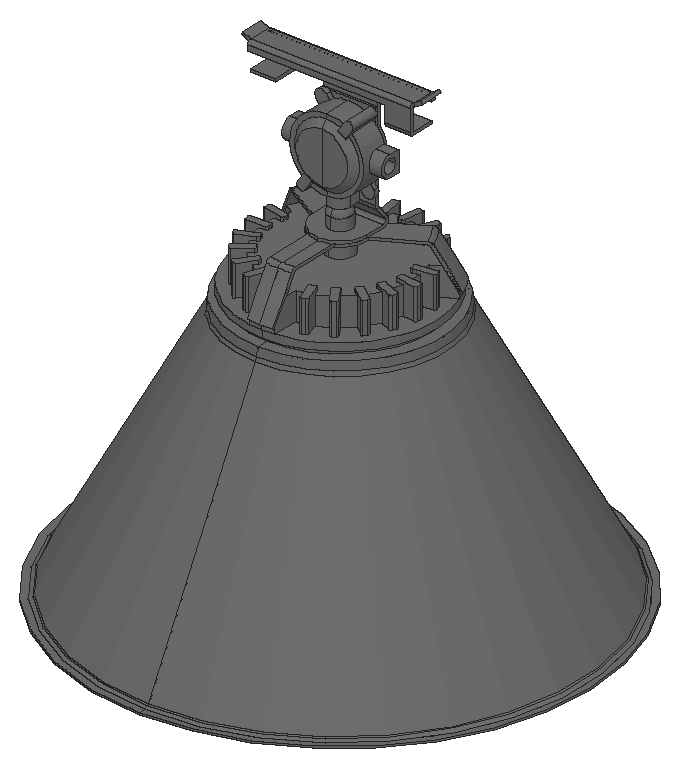
Revit family "Lighting_Outside_Zero_City_Wire", category Lighting Fixtures, Revit 2018 (continued)
Definition of nested family "CityPendant_Out"
  Lines and regions (mm)
    symbolic lines, detail levels medium+fine
      curve 76: line (107.923, 0, 307.136) -> (99.507, 0, 307.136)
      curve 77: line (99.507, 0, 307.136) -> (99.507, 0, 314.107)
      curve 78: line (99.507, 0, 314.107) -> (96.111, 0, 321.037)
      curve 79: line (96.111, 0, 341.636) -> (96.111, 0, 321.037)
      curve 80: line (96.111, 0, 341.636) -> (88.092, 0, 341.636)
      curve 98: line (-107.923, 0, 299.135) -> (-101.649, 0, 299.135)
      curve 101: line (107.923, 0, 307.136) -> (107.923, 0, 299.135)
      curve 103: line (0, -101.649, 299.135) -> (0, -101.328, 293)
      curve 104: line (0, -101.649, 299.135) -> (0, -107.923, 299.135)
      curve 105: line (0, 101.649, 299.135) -> (0, 101.328, 293)
      curve 107: line (-101.328, 0, 293) -> (-101.649, 0, 299.135)
      curve 109: line (101.328, 0, 293) -> (101.649, 0, 299.135)
      curve 110: line (101.649, 0, 299.135) -> (107.923, 0, 299.135)
      curve 114: spline (-88.092, 0, 341.636) -> (-87.402, 0, 343.027) -> (-86.713, 0, 344.418) -> (-86.023, 0, 345.809) -> (-85.333, 0, 347.2) -> (-84.644, 0, 348.591) -> (-83.954, 0, 349.982) -> (-83.264, 0, 351.373) -> (-82.574, 0, 352.764) -> (-81.884, 0, 354.155) -> (-81.193, 0, 355.546) -> (-80.503, 0, 356.937) -> (-79.813, 0, 358.327)
      curve 119: spline (-79.814, 0, 358.328) -> (-79.566, 0, 358.779) -> (-79.286, 0, 359.203) -> (-78.975, 0, 359.597) -> (-78.635, 0, 359.959) -> (-78.268, 0, 360.284) -> (-77.879, 0, 360.572) -> (-77.469, 0, 360.819) -> (-77.043, 0, 361.024) -> (-76.602, 0, 361.185) -> (-76.151, 0, 361.3) -> (-75.693, 0, 361.37) -> (-75.231, 0, 361.394)
      curve 120: line (-75.231, 0, 361.394) -> (-30, 0, 361.395)
      curve 121: spline (88.092, 0, 341.636) -> (87.402, 0, 343.027) -> (86.713, 0, 344.418) -> (86.023, 0, 345.809) -> (85.333, 0, 347.2) -> (84.644, 0, 348.591) -> (83.954, 0, 349.982) -> (83.264, 0, 351.373) -> (82.574, 0, 352.764) -> (81.884, 0, 354.155) -> (81.193, 0, 355.546) -> (80.503, 0, 356.937) -> (79.813, 0, 358.327)
      curve 126: spline (79.814, 0, 358.328) -> (79.566, 0, 358.78) -> (79.284, 0, 359.205) -> (78.971, 0, 359.601) -> (78.63, 0, 359.963) -> (78.262, 0, 360.289) -> (77.871, 0, 360.577) -> (77.46, 0, 360.824) -> (77.031, 0, 361.028) -> (76.589, 0, 361.189) -> (76.136, 0, 361.303) -> (75.676, 0, 361.372) -> (75.213, 0, 361.394)
      curve 127: line (75.213, 0, 361.394) -> (30, 0, 361.394)
      curve 128: line (-30, 0, 510.896) -> (-30, 0, 484.891)
      curve 129: line (30, 0, 361.394) -> (30, 0, 396.901)
      curve 133: arc (-30, 0, 405.646) -> (-31, 0, 402.646) -> (-30, 0, 399.646) r 5
      curve 135: line (-31.789, 0, 475.211) -> (-30, 0, 472.579)
      curve 137: line (31.789, 0, 406.581) -> (30, 0, 409.213)
      curve 149: arc (30, 0, 476.146) -> (31, 0, 479.146) -> (30, 0, 482.146) r 5
      curve 150: line (-62, 0, 510.896) -> (-30, 0, 510.896)
      curve 151: line (30, 0, 482.146) -> (30, 0, 510.896)
      curve 152: line (-30, 0, 472.579) -> (-30, 0, 468.78)
      curve 153: line (30, 0, 468.78) -> (30, 0, 476.146)
      curve 154: line (-30, 0, 413.085) -> (-30, 0, 405.646)
      curve 155: line (30, 0, 409.213) -> (30, 0, 413.085)
      curve 156: line (-30, 0, 399.646) -> (-30, 0, 361.395)
      curve 157: line (-55, 0, 452.396) -> (-39.295, 0, 452.396)
      curve 158: line (-55, 0, 429.396) -> (-55, 0, 452.396)
      curve 159: line (55, 0, 429.396) -> (39.273, 0, 429.396)
      curve 160: line (55, 0, 452.396) -> (55, 0, 429.396)
      curve 161: line (39.295, 0, 452.396) -> (55, 0, 452.396)
      curve 162: line (-39.273, 0, 429.396) -> (-55, 0, 429.396)
      curve 172: line (-62, 0, 488.896) -> (-90, 0, 488.896)
      curve 173: line (-62, 0, 510.896) -> (-62, 0, 488.896)
      curve 174: line (-90, 0, 488.896) -> (-90, 0, 520.896)
      curve 175: line (-90, 0, 520.896) -> (90, 0, 520.896)
      curve 176: line (62, 0, 488.896) -> (90, 0, 488.896)
      curve 177: line (62, 0, 510.896) -> (62, 0, 488.896)
      curve 178: line (90, 0, 488.896) -> (90, 0, 520.896)
      curve 180: line (30, 0, 510.896) -> (62, 0, 510.896)
      curve 182: arc (-30, 0, 484.891) -> (-32.883, 0, 480.418) -> (-31.789, 0, 475.211) r 7
      curve 184: arc (-30, 0, 468.78) -> (-35.603, 0, 461.13) -> (-39.295, 0, 452.396) r 40.933
      curve 186: arc (-39.273, 0, 429.396) -> (-35.584, 0, 420.702) -> (-30, 0, 413.085) r 40.933
      curve 190: arc (39.295, 0, 452.396) -> (35.603, 0, 461.13) -> (30, 0, 468.78) r 40.933
      curve 192: arc (30, 0, 413.085) -> (35.584, 0, 420.702) -> (39.273, 0, 429.396) r 40.933
      curve 194: arc (30, 0, 396.901) -> (32.883, 0, 401.374) -> (31.789, 0, 406.581) r 7
      curve 200: spline (0, 54.163, 358.327) -> (0, 54.561, 356.937) -> (0, 54.96, 355.546) -> (0, 55.358, 354.155) -> (0, 55.757, 352.764) -> (0, 56.155, 351.374) -> (0, 56.554, 349.983) -> (0, 56.952, 348.592) -> (0, 57.35, 347.201) -> (0, 57.748, 345.809) -> (0, 58.147, 344.418) -> (0, 58.545, 343.027) -> (0, 58.943, 341.636)
      curve 201: spline (0, 51.509, 361.394) -> (0, 51.776, 361.372) -> (0, 52.041, 361.303) -> (0, 52.303, 361.188) -> (0, 52.558, 361.028) -> (0, 52.805, 360.823) -> (0, 53.043, 360.576) -> (0, 53.268, 360.289) -> (0, 53.48, 359.962) -> (0, 53.677, 359.6) -> (0, 53.858, 359.205) -> (0, 54.02, 358.78) -> (0, 54.163, 358.328)
      curve 202: line (0, -78.786, 361.394) -> (0, -30, 361.395)
      curve 209: arc (0, -78.786, 361.394) -> (0, -81.792, 360.601) -> (0, -84.017, 358.431) r 6.1
      curve 210: arc (0, -84.017, 358.431) -> (0, -96.913, 335.908) -> (0, -109.782, 313.369) r 21800.423
      curve 211: line (0, -109.782, 313.369) -> (0, -107.923, 312.326)
      curve 213: line (0, -30, 364.395) -> (0, -30, 361.395)
      curve 214: arc (0, 23.053, 361.395) -> (0, 28.491, 364.859) -> (0, 27.649, 371.251) r 6
      curve 217: line (0, 27.649, 371.251) -> (0, 15.934, 385.213)
      curve 218: arc (0, 15.934, 385.213) -> (0, 15.24, 386.416) -> (0, 14.999, 387.784) r 4
      curve 221: line (0, 14.999, 387.784) -> (0, 14.999, 402.918)
      curve 222: line (0, 14.999, 484.997) -> (0, 11.999, 484.997)
      curve 223: line (0, 17.999, 402.918) -> (0, 17.999, 516.896)
      curve 224: line (0, 17.999, 402.918) -> (0, 14.999, 402.918)
      curve 225: arc (0, 17.999, 516.896) -> (0, 16.827, 519.724) -> (0, 13.999, 520.896) r 4
      curve 226: arc (0, 13.999, 488.896) -> (0, 14.503, 488.928) -> (0, 14.999, 489.023) r 4
      curve 227: line (0, -11.001, 488.896) -> (0, 13.999, 488.896)
      curve 228: arc (0, -11.001, 488.896) -> (0, -13.83, 490.068) -> (0, -15.001, 492.896) r 4
      curve 229: line (0, -15.001, 516.896) -> (0, -15.001, 492.896)
      curve 230: arc (0, -11.001, 520.896) -> (0, -13.83, 519.724) -> (0, -15.001, 516.896) r 4
      curve 231: line (0, 13.999, 520.896) -> (0, -11.001, 520.896)
      curve 240: line (0, 14.999, 484.997) -> (0, 14.999, 489.023)
      curve 242: line (0, 6.999, 486.146) -> (0, 11.999, 486.146)
      curve 243: line (0, 11.999, 486.146) -> (0, 11.999, 484.997)
      curve 244: line (0, -20.501, 484.146) -> (0, 6.999, 484.146)
      curve 245: line (0, 6.999, 484.146) -> (0, 6.999, 486.146)
      curve 248: line (0, -20.501, 484.146) -> (0, -20.501, 473.933)
      curve 249: line (0, -25.001, 469.433) -> (0, -25.001, 412.433)
      curve 250: line (0, -25.001, 469.433) -> (0, -20.501, 473.933)
      curve 255: line (0, -20.501, 397.646) -> (0, -11.501, 397.646)
      curve 256: line (0, -20.501, 397.646) -> (0, -20.501, 407.933)
      curve 263: line (0, -25.001, 412.433) -> (0, -20.501, 407.933)
      curve 264: line (0, -11.501, 385.896) -> (0, -11.501, 397.646)
      curve 265: line (0, -11.501, 385.896) -> (0, -7.492, 385.896)
      curve 269: line (0, -12.5, 364.395) -> (0, -12.5, 376.832)
      curve 270: arc (0, -12.5, 376.832) -> (0, -11.519, 380.87) -> (0, -8.795, 384.007) r 8.799
      curve 271: line (0, -8.795, 384.007) -> (0, -7.492, 385.896)
      curve 274: line (0, 23.053, 361.395) -> (0, 51.509, 361.394)
      curve 280: line (0, -12.5, 364.395) -> (0, -30, 364.395)
      curve 282: line (-114.463, 0, 293) -> (-115.462, 0, 283.496)
      curve 283: line (-115.462, 0, 283.496) -> (-116.85, 0, 279.025)
      curve 284: line (-116.85, 0, 279.025) -> (-264.916, 0, 5.137)
      curve 285: line (-266.24, 0, 4.143) -> (-269.952, 0, 2)
      curve 286: line (-264.916, 0, 5.137) -> (-266.24, 0, 4.143)
      curve 288: line (-277.052, 0, 2) -> (-277.052, 0, 0)
      curve 289: line (0, 0, 0) -> (-277.052, 0, 0)
      curve 290: line (114.463, 0, 293) -> (115.462, 0, 283.496)
      curve 291: line (115.462, 0, 283.496) -> (116.85, 0, 279.025)
      curve 292: line (116.85, 0, 279.025) -> (264.916, 0, 5.137)
      curve 293: line (266.24, 0, 4.143) -> (269.952, 0, 2)
      curve 294: line (264.916, 0, 5.137) -> (266.24, 0, 4.143)
      curve 296: line (277.052, 0, 2) -> (277.052, 0, 0)
      curve 297: line (0, 0, 0) -> (277.052, 0, 0)
      curve 298: line (-101.328, 0, 293) -> (-114.463, 0, 293)
      curve 299: line (101.328, 0, 293) -> (114.463, 0, 293)
      curve 300: line (-269.952, 0, 2) -> (-277.052, 0, 2)
      curve 301: line (269.952, 0, 2) -> (277.052, 0, 2)
      curve 302: line (0, -277.395, 0) -> (0, 277.395, 0)
      curve 303: line (0, 277.052, 0) -> (0, 277.052, 2)
      curve 304: line (0, 277.052, 2) -> (0, 269.952, 2)
      curve 305: line (0, 269.952, 2) -> (0, 266.24, 4.143)
      curve 306: line (0, 266.24, 4.143) -> (0, 264.916, 5.137)
      curve 307: line (0, 264.916, 5.137) -> (0, 116.85, 279.025)
      curve 308: line (0, 116.85, 279.025) -> (0, 115.462, 283.496)
      curve 309: line (0, 115.462, 283.496) -> (0, 114.463, 293)
      curve 310: line (0, -277.052, 0) -> (0, -277.052, 2)
      curve 311: line (0, -277.052, 2) -> (0, -269.952, 2)
      curve 312: line (0, -269.952, 2) -> (0, -266.24, 4.143)
      curve 313: line (0, -266.24, 4.143) -> (0, -264.916, 5.137)
      curve 314: line (0, -264.916, 5.137) -> (0, -116.85, 279.025)
      curve 315: line (0, -116.85, 279.025) -> (0, -115.462, 283.496)
      curve 316: line (0, -115.462, 283.496) -> (0, -114.463, 293)
      curve 317: line (0, 114.463, 293) -> (0, 101.328, 293)
      curve 319: line (0, -101.328, 293) -> (0, -114.463, 293)
    symbolic lines, detail levels fine
      curve 2: circle (0, 0, 0) r 264.283 normal (0, 0, -1)
      curve 3: circle (0, 0, 0) r 161.146 normal (0, 0, -1)
      curve 4: circle (0, 0, 0) r 159.39 normal (0, 0, -1)
      curve 9: line (0, 20.585, 341.636) -> (0, 20.585, 338.136)
      curve 10: line (0, 33.953, 338.136) -> (0, 20.585, 338.136)
      curve 11: line (0, 20.585, 341.636) -> (0, 14.159, 341.636)
      curve 12: line (0, 14.159, 358.395) -> (0, 14.159, 341.636)
      curve 13: line (0, -14.159, 358.395) -> (0, -14.159, 338.136)
      curve 14: line (0, -23.55, 341.636) -> (0, -23.55, 338.136)
      curve 15: line (0, -14.159, 338.136) -> (0, -23.55, 338.136)
      curve 16: line (0, -23.55, 341.636) -> (0, -35.835, 341.636)
      curve 17: line (0, -64.165, 341.636) -> (0, -90.15, 341.636)
      curve 20: line (0, 95.745, 307.136) -> (0, -107.923, 307.136)
      curve 21: line (0, 89.054, 341.636) -> (0, 89.054, 307.136)
      curve 22: line (0, 75.657, 341.636) -> (0, 75.657, 307.136)
      curve 23: line (0, 65.974, 307.136) -> (0, 65.974, 314.306)
      curve 25: spline (0, 66.684, 314.529) -> (0, 64.73, 313.952) -> (0, 62.722, 313.475) -> (0, 60.666, 313.1) -> (0, 58.565, 312.828) -> (0, 56.425, 312.659) -> (0, 54.25, 312.594) -> (0, 52.045, 312.632) -> (0, 49.815, 312.774) -> (0, 47.565, 313.02) -> (0, 45.299, 313.368) -> (0, 43.024, 313.819) -> (0, 40.743, 314.37)
      curve 26: line (0, 41.782, 314.107) -> (0, 41.782, 307.136)
      curve 27: line (0, 27.904, 338.136) -> (0, 27.904, 307.136)
      curve 28: line (0, 10.221, 307.136) -> (0, 10.221, 338.136)
      curve 29: line (0, 20.585, 338.136) -> (0, 20.585, 307.136)
      curve 30: line (0, 14.159, 341.636) -> (0, 9.041, 341.636)
      curve 31: line (0, 9.041, 341.636) -> (0, 9.041, 338.136)
      curve 32: line (0, 10.221, 338.136) -> (0, -4.233, 338.136)
      curve 33: line (0, -3.519, 341.636) -> (0, -3.519, 338.136)
      curve 34: line (0, -3.519, 341.636) -> (0, -13.656, 341.636)
      curve 35: line (0, -13.656, 341.636) -> (0, -13.656, 307.136)
      curve 36: line (0, -4.233, 338.136) -> (0, -4.233, 307.136)
      curve 37: line (0, -26.242, 338.136) -> (0, -23.55, 338.136)
      curve 38: line (0, -26.242, 338.136) -> (0, -26.242, 307.136)
      curve 39: line (0, -39.047, 341.636) -> (0, -35.835, 341.636)
      curve 40: line (0, -39.047, 341.636) -> (0, -39.047, 338.136)
      curve 41: line (0, -46.219, 338.136) -> (0, -46.219, 307.136)
      curve 42: line (0, -46.219, 338.136) -> (0, -41.587, 338.136)
      curve 43: line (0, -41.587, 338.136) -> (0, -41.587, 341.636)
      curve 44: line (0, -64.165, 341.636) -> (0, -41.587, 341.636)
      curve 45: line (0, -61.554, 307.136) -> (0, -61.554, 341.636)
      curve 46: line (0, -61.554, 338.136) -> (0, -62.607, 338.136)
      curve 47: line (0, -62.607, 338.136) -> (0, -62.607, 307.136)
      curve 48: line (0, -79.306, 341.636) -> (0, -79.306, 307.136)
      curve 49: line (0, -91.493, 339.289) -> (0, -91.493, 307.136)
      curve 56: line (-16.978, 0, 341.636) -> (-16.978, 0, 338.136)
      curve 57: line (-21.308, 0, 341.636) -> (-21.308, 0, 338.136)
      curve 58: line (-16.978, 0, 341.636) -> (-14.151, 0, 341.636)
      curve 59: line (-14.151, 0, 361.394) -> (-14.151, 0, 341.636)
      curve 60: line (-90.319, 0, 341.636) -> (-90.319, 0, 307.136)
      curve 61: line (-77.665, 0, 341.636) -> (-77.665, 0, 307.136)
      curve 62: line (-99.507, 0, 307.136) -> (99.507, 0, 307.136)
      curve 63: line (-59.164, 0, 341.636) -> (-59.164, 0, 307.136)
      curve 64: line (-60.949, 0, 338.136) -> (-60.949, 0, 307.136)
      curve 65: line (-60.949, 0, 338.136) -> (-59.164, 0, 338.136)
      curve 66: line (-44.077, 0, 338.136) -> (-36.26, 0, 338.136)
      curve 67: line (-44.077, 0, 338.136) -> (-44.077, 0, 307.136)
      curve 68: line (-36.26, 0, 307.136) -> (-36.26, 0, 341.636)
      curve 69: line (-39.681, 0, 341.636) -> (-39.681, 0, 338.136)
      curve 70: line (-23.777, 0, 307.136) -> (-23.777, 0, 338.136)
      curve 71: line (-23.777, 0, 338.136) -> (-14.151, 0, 338.136)
      curve 72: line (-14.151, 0, 341.636) -> (-14.151, 0, 338.136)
      curve 73: line (-14.151, 0, 338.136) -> (-14.151, 0, 313.78)
      curve 74: spline (0, 0, 312.133) -> (-1.193, 0, 312.146) -> (-2.385, 0, 312.181) -> (-3.577, 0, 312.24) -> (-4.766, 0, 312.321) -> (-5.953, 0, 312.424) -> (-7.138, 0, 312.551) -> (-8.318, 0, 312.7) -> (-9.495, 0, 312.871) -> (-10.667, 0, 313.065) -> (-11.834, 0, 313.281) -> (-12.996, 0, 313.52) -> (-14.151, 0, 313.78)
      curve 75: spline (14.151, 0, 313.78) -> (12.996, 0, 313.52) -> (11.834, 0, 313.281) -> (10.667, 0, 313.065) -> (9.495, 0, 312.871) -> (8.318, 0, 312.7) -> (7.138, 0, 312.551) -> (5.953, 0, 312.424) -> (4.766, 0, 312.321) -> (3.577, 0, 312.24) -> (2.385, 0, 312.181) -> (1.193, 0, 312.146) -> (0, 0, 312.133)
      curve 81: line (16.978, 0, 341.636) -> (16.978, 0, 338.136)
      curve 82: line (21.308, 0, 341.636) -> (21.308, 0, 338.136)
      curve 83: line (16.978, 0, 341.636) -> (14.151, 0, 341.636)
      curve 84: line (14.151, 0, 361.394) -> (14.151, 0, 341.636)
      curve 85: line (90.319, 0, 341.636) -> (90.319, 0, 307.136)
      curve 86: line (77.665, 0, 341.636) -> (77.665, 0, 307.136)
      curve 87: line (59.164, 0, 341.636) -> (59.164, 0, 307.136)
      curve 88: line (60.949, 0, 338.136) -> (60.949, 0, 307.136)
      curve 89: line (60.949, 0, 338.136) -> (59.164, 0, 338.136)
      curve 90: line (44.077, 0, 338.136) -> (36.26, 0, 338.136)
      curve 91: line (44.077, 0, 338.136) -> (44.077, 0, 307.136)
      curve 92: line (36.26, 0, 307.136) -> (36.26, 0, 341.636)
      curve 93: line (39.681, 0, 341.636) -> (39.681, 0, 338.136)
      curve 94: line (23.777, 0, 307.136) -> (23.777, 0, 338.136)
      curve 95: line (23.777, 0, 338.136) -> (14.151, 0, 338.136)
      curve 96: line (14.151, 0, 341.636) -> (14.151, 0, 338.136)
      curve 97: line (14.151, 0, 338.136) -> (14.151, 0, 313.78)
      curve 99: line (-96.111, 0, 321.037) -> (-96.111, 0, 307.136)
      curve 100: line (96.111, 0, 321.037) -> (96.111, 0, 307.136)
      curve 102: line (0, 27.263, 358.395) -> (0, -78.776, 358.395)
      curve 106: line (0, 101.649, 299.135) -> (0, -101.649, 299.135)
      curve 108: line (-101.649, 0, 299.135) -> (101.649, 0, 299.135)
      curve 111: line (0, -41.587, 338.136) -> (0, -39.047, 338.136)
      curve 112: line (0, -39.047, 338.136) -> (0, -39.047, 307.136)
      curve 113: line (0, -14.159, 338.136) -> (0, -13.656, 338.136)
      curve 115: spline (-77.514, 0, 356.861) -> (-78.144, 0, 355.592) -> (-78.774, 0, 354.324) -> (-79.405, 0, 353.055) -> (-80.035, 0, 351.786) -> (-80.665, 0, 350.518) -> (-81.294, 0, 349.249) -> (-81.924, 0, 347.98) -> (-82.554, 0, 346.712) -> (-83.184, 0, 345.443) -> (-83.813, 0, 344.174) -> (-84.443, 0, 342.905) -> (-85.072, 0, 341.636)
      curve 116: spline (-71.072, 0, 341.636) -> (-70.379, 0, 343.033) -> (-69.686, 0, 344.43) -> (-68.993, 0, 345.826) -> (-68.3, 0, 347.223) -> (-67.607, 0, 348.62) -> (-66.914, 0, 350.016) -> (-66.22, 0, 351.413) -> (-65.527, 0, 352.809) -> (-64.833, 0, 354.206) -> (-64.139, 0, 355.602) -> (-63.445, 0, 356.998) -> (-62.752, 0, 358.395)
      curve 117: spline (-75.213, 0, 358.394) -> (-75.445, 0, 358.383) -> (-75.675, 0, 358.349) -> (-75.901, 0, 358.292) -> (-76.122, 0, 358.211) -> (-76.337, 0, 358.109) -> (-76.543, 0, 357.986) -> (-76.738, 0, 357.842) -> (-76.922, 0, 357.679) -> (-77.093, 0, 357.498) -> (-77.25, 0, 357.3) -> (-77.39, 0, 357.087) -> (-77.514, 0, 356.861)
      curve 118: line (-75.213, 0, 358.395) -> (-14.151, 0, 358.395)
      curve 122: spline (77.514, 0, 356.861) -> (78.144, 0, 355.592) -> (78.774, 0, 354.324) -> (79.405, 0, 353.055) -> (80.035, 0, 351.786) -> (80.665, 0, 350.518) -> (81.294, 0, 349.249) -> (81.924, 0, 347.98) -> (82.554, 0, 346.712) -> (83.184, 0, 345.443) -> (83.813, 0, 344.174) -> (84.443, 0, 342.905) -> (85.072, 0, 341.636)
      curve 123: spline (71.072, 0, 341.636) -> (70.379, 0, 343.033) -> (69.686, 0, 344.43) -> (68.993, 0, 345.826) -> (68.3, 0, 347.223) -> (67.607, 0, 348.62) -> (66.914, 0, 350.016) -> (66.22, 0, 351.413) -> (65.527, 0, 352.809) -> (64.833, 0, 354.206) -> (64.139, 0, 355.602) -> (63.445, 0, 356.998) -> (62.752, 0, 358.395)
      curve 124: spline (75.213, 0, 358.394) -> (75.445, 0, 358.383) -> (75.675, 0, 358.349) -> (75.901, 0, 358.292) -> (76.122, 0, 358.211) -> (76.337, 0, 358.109) -> (76.543, 0, 357.986) -> (76.738, 0, 357.842) -> (76.922, 0, 357.679) -> (77.093, 0, 357.498) -> (77.25, 0, 357.3) -> (77.39, 0, 357.087) -> (77.514, 0, 356.861)
      curve 125: line (75.213, 0, 358.395) -> (14.151, 0, 358.395)
      curve 130: arc (0, 0, 400) -> (8.625, 0, 400.919) -> (16.864, 0, 403.635) r 40.933
      curve 131: arc (0, 0, 481.865) -> (-8.646, 0, 480.942) -> (-16.902, 0, 478.213) r 40.933
      curve 132: line (-21.865, 0, 399.835) -> (-15.441, 0, 409.285)
      curve 134: line (21.865, 0, 481.957) -> (15.479, 0, 472.562)
      curve 136: arc (20.211, 0, 398.711) -> (24.728, 0, 395.763) -> (30, 0, 396.901) r 7
      curve 138: line (30, 0, 364.395) -> (-30, 0, 364.395)
      curve 139: line (-12.5, 0, 376.832) -> (-12.5, 0, 364.395)
      curve 140: arc (-8.795, 0, 384.007) -> (-11.519, 0, 380.87) -> (-12.5, 0, 376.832) r 8.799
      curve 141: line (-7.492, 0, 385.896) -> (-8.795, 0, 384.007)
      curve 142: line (-11.5, 0, 385.896) -> (11.5, 0, 385.896)
      curve 143: line (-11.5, 0, 401.649) -> (-11.5, 0, 385.896)
      curve 144: line (11.5, 0, 385.896) -> (11.5, 0, 401.649)
      curve 145: line (12.5, 0, 376.832) -> (12.5, 0, 364.395)
      curve 146: arc (8.795, 0, 384.007) -> (11.519, 0, 380.87) -> (12.5, 0, 376.832) r 8.799
      curve 147: line (7.492, 0, 385.896) -> (8.795, 0, 384.007)
      curve 148: arc (-20.211, 0, 483.081) -> (-24.728, 0, 486.029) -> (-30, 0, 484.891) r 7
      curve 163: circle (0, 0, 440.933) r 35.213 normal (0, -1, 0)
      curve 164: line (-23.715, 0, 414.902) -> (-30, 0, 405.646)
      curve 165: line (23.746, 0, 466.935) -> (30, 0, 476.146)
      curve 166: arc (-18.685, 0, 404.513) -> (-9.611, 0, 401.144) -> (0, 0, 400) r 40.933
      curve 167: arc (18.722, 0, 477.333) -> (9.631, 0, 480.716) -> (0, 0, 481.865) r 40.933
      curve 168: line (-13.631, 0, 473.401) -> (-20.211, 0, 483.081)
      curve 169: line (13.592, 0, 408.448) -> (20.211, 0, 398.711)
      curve 170: arc (-28.476, 0, 470.337) -> (-29.248, 0, 469.568) -> (-30, 0, 468.78) r 40.933
      curve 171: arc (28.446, 0, 411.5) -> (29.234, 0, 412.282) -> (30, 0, 413.085) r 40.933
      curve 179: line (-30, 0, 510.896) -> (30, 0, 510.896)
      curve 181: arc (30, 0, 482.146) -> (25.884, 0, 484.145) -> (21.865, 0, 481.957) r 5
      curve 183: line (-30, 0, 472.579) -> (-25.204, 0, 465.524)
      curve 185: arc (-39.295, 0, 452.396) -> (-40.933, 0, 440.894) -> (-39.273, 0, 429.396) r 40.933
      curve 187: arc (-30, 0, 413.085) -> (-28.516, 0, 411.568) -> (-26.956, 0, 410.129) r 40.933
      curve 188: arc (-30, 0, 399.646) -> (-25.884, 0, 397.647) -> (-21.865, 0, 399.835) r 5
      curve 189: arc (30, 0, 468.78) -> (28.531, 0, 470.283) -> (26.987, 0, 471.709) r 40.933
      curve 191: arc (39.273, 0, 429.396) -> (40.933, 0, 440.894) -> (39.295, 0, 452.396) r 40.933
      curve 193: line (30, 0, 409.213) -> (25.175, 0, 416.311)
      curve 195: line (-30, 0, 361.394) -> (0, 0, 361.394)
      curve 196: line (30, 0, 361.394) -> (0, 0, 361.394)
      curve 197: line (88.092, 0, 341.636) -> (21.308, 0, 341.636)
      curve 198: line (-88.092, 0, 341.636) -> (-21.308, 0, 341.636)
      curve 199: line (0, 23.053, 364.395) -> (0, -12.5, 364.395)
      curve 203: spline (0, 28.602, 356.808) -> (0, 29.616, 353.274) -> (0, 30.629, 349.739) -> (0, 31.642, 346.204) -> (0, 32.655, 342.669) -> (0, 33.667, 339.133) -> (0, 34.679, 335.597) -> (0, 35.691, 332.06) -> (0, 36.702, 328.523) -> (0, 37.713, 324.985) -> (0, 38.723, 321.447) -> (0, 39.733, 317.909) -> (0, 40.743, 314.37)
      curve 204: spline (0, 27.263, 358.394) -> (0, 27.399, 358.382) -> (0, 27.534, 358.346) -> (0, 27.667, 358.286) -> (0, 27.796, 358.202) -> (0, 27.921, 358.096) -> (0, 28.041, 357.968) -> (0, 28.155, 357.819) -> (0, 28.262, 357.65) -> (0, 28.361, 357.463) -> (0, 28.451, 357.26) -> (0, 28.531, 357.041) -> (0, 28.602, 356.808)
      curve 205: spline (0, 29.915, 358.328) -> (0, 29.772, 358.78) -> (0, 29.609, 359.205) -> (0, 29.429, 359.6) -> (0, 29.232, 359.962) -> (0, 29.019, 360.289) -> (0, 28.794, 360.576) -> (0, 28.556, 360.823) -> (0, 28.309, 361.028) -> (0, 28.054, 361.188) -> (0, 27.793, 361.303) -> (0, 27.527, 361.372) -> (0, 27.26, 361.394)
      curve 206: spline (0, 42.612, 313.911) -> (0, 41.556, 317.614) -> (0, 40.499, 321.318) -> (0, 39.442, 325.021) -> (0, 38.385, 328.723) -> (0, 37.328, 332.425) -> (0, 36.27, 336.127) -> (0, 35.211, 339.828) -> (0, 34.153, 343.529) -> (0, 33.093, 347.229) -> (0, 32.034, 350.929) -> (0, 30.974, 354.628) -> (0, 29.914, 358.327)
      curve 207: arc (0, -107.149, 311.892) -> (0, -94.285, 334.41) -> (0, -81.393, 356.913) r 20055.833
      curve 208: arc (0, -81.423, 356.861) -> (0, -80.305, 357.983) -> (0, -78.776, 358.394) r 3.053
      curve 212: line (0, -107.923, 312.326) -> (0, -107.149, 311.892)
      curve 215: arc (0, 25.351, 369.323) -> (0, 25.772, 366.127) -> (0, 23.053, 364.395) r 3
      curve 216: line (0, 13.636, 383.284) -> (0, 25.351, 369.323)
      curve 219: arc (0, 11.999, 387.784) -> (0, 12.421, 385.39) -> (0, 13.636, 383.284) r 7
      curve 220: line (0, 11.999, 484.997) -> (0, 11.999, 385.896)
      curve 232: arc (0, 13.999, 517.896) -> (0, 14.706, 517.603) -> (0, 14.999, 516.896) r 1
      curve 233: line (0, 14.999, 516.896) -> (0, 14.999, 492.896)
      curve 234: arc (0, 14.999, 492.896) -> (0, 14.706, 492.189) -> (0, 13.999, 491.896) r 1
      curve 235: line (0, 13.999, 491.896) -> (0, -11.001, 491.896)
      curve 236: line (0, -12.001, 492.896) -> (0, -12.001, 516.896)
      curve 237: arc (0, -12.001, 492.896) -> (0, -11.709, 492.189) -> (0, -11.001, 491.896) r 1
      curve 238: arc (0, -12.001, 516.896) -> (0, -11.709, 517.603) -> (0, -11.001, 517.896) r 1
      curve 239: line (0, 13.999, 517.896) -> (0, -11.001, 517.896)
      curve 241: arc (0, 14.999, 489.023) -> (0, 17.161, 490.447) -> (0, 17.999, 492.896) r 4
      curve 246: line (0, 6.999, 484.146) -> (0, 6.999, 470.337)
      curve 247: line (0, 6.999, 470.337) -> (0, 11.999, 470.337)
      curve 251: line (0, -18.001, 476.433) -> (0, -18.001, 481.869)
      curve 252: line (0, -18.001, 481.869) -> (0, 6.999, 481.869)
      curve 253: line (0, -18.001, 476.433) -> (0, -18.001, 410.131)
      curve 254: line (0, -18.001, 410.131) -> (0, 11.999, 410.131)
      curve 257: line (0, -20.501, 416.752) -> (0, -18.001, 414.664)
      curve 258: line (0, 11.999, 452.396) -> (0, 0, 452.396)
      curve 259: arc (0, -8.085, 440.896) -> (0, 0, 448.981) -> (0, 8.085, 440.896) r 8.085
      curve 260: arc (0, 8.085, 440.896) -> (0, 0, 432.812) -> (0, -8.085, 440.896) r 8.085
      curve 261: line (0, 0, 429.396) -> (0, 11.999, 429.396)
      curve 262: arc (0, 0, 452.396) -> (0, -11.5, 440.896) -> (0, 0, 429.396) r 11.5
      curve 266: line (0, 12.5, 364.395) -> (0, 12.5, 376.832)
      curve 267: arc (0, 12.5, 376.832) -> (0, 11.519, 380.87) -> (0, 8.795, 384.007) r 8.799
      curve 268: line (0, 8.795, 384.007) -> (0, 7.426, 385.991)
      curve 272: spline (0, 58.943, 341.636) -> (0, 59.589, 339.378) -> (0, 60.234, 337.119) -> (0, 60.88, 334.861) -> (0, 61.525, 332.603) -> (0, 62.171, 330.344) -> (0, 62.816, 328.085) -> (0, 63.461, 325.826) -> (0, 64.106, 323.567) -> (0, 64.751, 321.308) -> (0, 65.395, 319.048) -> (0, 66.04, 316.789) -> (0, 66.684, 314.529)
      curve 273: line (0, -30, 361.394) -> (0, 23.053, 361.394)
      curve 275: line (0, 14.999, 402.918) -> (0, 14.999, 484.997)
      curve 276: line (0, -20.501, 473.933) -> (0, -18.001, 476.433)
      curve 277: line (0, -20.501, 407.933) -> (0, -20.501, 416.752)
      curve 278: line (0, -11.501, 397.646) -> (0, 11.999, 397.646)
      curve 279: line (0, -7.492, 385.896) -> (0, 11.999, 385.896)
      curve 281: line (101.328, 0, 293) -> (-101.328, 0, 293)
      curve 287: line (0, 0, 2) -> (-269.952, 0, 2)
      curve 295: line (0, 0, 2) -> (269.952, 0, 2)
      curve 318: line (0, 101.328, 293) -> (0, -101.328, 293)
      curve 320: line (0, 269.952, 2) -> (0, 0, 2)
      curve 321: line (0, -269.952, 2) -> (0, 0, 2)
  Dimensions and locks
    aligned and locked: level to plane 2
Types (12, lengths in mm): name | Wattage | TotalWattage | Photometric Web File | ModelNumber | Model | Lumens | built-in parameter 1150105 | LightFixtureMainMaterial | built-in parameter 1150106 | ElectricalDeviceNominalPower | Category | ArticleNumber
  City wire catenary - 2120LM/32W Black On/Off | 14.2721 W | 32 W | "City120813.IES" | "12081306-30" | "City wire catenary - 2120LM/32W Black On/Off" | 2120 lm | 1666.5 (stored number, unit not read) | Black RAL 9005 | 16.665 (stored number, unit not read) | 32 | "Luminaires" | "12081306-30"
  City wire catenary - 2120LM/32W Black Dali | 14.2721 W | 32 W | "City120813.IES" | "12081306D30" | "City wire catenary - 2120LM/32W Black Dali" | 2120 lm | 1666.5 (stored number, unit not read) | Black RAL 9005 | 16.665 (stored number, unit not read) | 32 | "Wire" | "12081306D30"
  City wire catenary - 2120LM/32W Beige Grey On/Off | 14.2721 W | 32 W | "City120813.IES" | "12081366-30" | "City wire catenary - 2120LM/32W Beige Grey On/Off" | 2120 lm | 1666.5 (stored number, unit not read) | Beige Grey RAL 7006 | 16.665 (stored number, unit not read) | 32 | "Wire" | "12081366-30"
  City wire catenary - 2120LM/32W Beige Grey Dali | 14.2721 W | 32 W | "City120813.IES" | "12081366D30" | "City wire catenary - 2120LM/32W Beige Grey Dali" | 2120 lm | 1666.5 (stored number, unit not read) | Beige Grey RAL 7006 | 16.665 (stored number, unit not read) | 32 | "Wire" | "12081366D30"
  City wire catenary - 2120LM/32W Beige Grey Night | 14.2721 W | 32 W | "City120813.IES" | "12081366N30" | "City wire catenary - 2120LM/32W Beige Grey Night" | 2120 lm | 1666.5 (stored number, unit not read) | Beige Grey RAL 7006 | 16.665 (stored number, unit not read) | 32 | "Wire" | "12081366N30"
  City wire catenary - 2120LM/32W Black Night | 14.2721 W | 32 W | "City120813.IES" | "12081306N30" | "City wire catenary - 2120LM/32W Black Night" | 2120 lm | 1666.5 (stored number, unit not read) | Black RAL 9005 | 16.665 (stored number, unit not read) | 32 | "Wire" | "12081306N30"
  City wire catenary - 1660LM/18W Beige Grey Dali | 11.1753 W | 18 W | "City120803.IES" | "12080366D30" | "City wire catenary - 1660LM/18W Beige Grey Dali" | 1660 lm | 1317.4 (stored number, unit not read) | Beige Grey RAL 7006 | 13.174 (stored number, unit not read) | 18 | "Wire" | "12080366D30"
  City wire catenary - 1660LM/18W Beige Grey Night | 11.1753 W | 18 W | "City120803.IES" | "12080366N30" | "City wire catenary - 1660LM/18W Beige Grey Night" | 1660 lm | 1317.4 (stored number, unit not read) | Beige Grey RAL 7006 | 13.174 (stored number, unit not read) | 18 | "Wire" | "12080366N30"
  City wire catenary - 1660LM/18W Beige Grey On/Off | 11.1753 W | 18 W | "City120803.IES" | "12080366-30" | "City wire catenary - 1660LM/18W Beige Grey On/Off" | 1660 lm | 1317.4 (stored number, unit not read) | Beige Grey RAL 7006 | 13.174 (stored number, unit not read) | 18 | "Wire" | "12080366-30"
  City wire catenary - 1660LM/18W Black Dali | 11.1753 W | 18 W | "City120803.IES" | "12080306D30" | "City wire catenary - 1660LM/18W Black Dali" | 1660 lm | 1317.4 (stored number, unit not read) | Black RAL 9005 | 13.174 (stored number, unit not read) | 18 | "Wire" | "12080306D30"
  City wire catenary - 1660LM/18W Black Night | 11.1753 W | 18 W | "City120803.IES" | "12080306N30" | "City wire catenary - 1660LM/18W Black Night" | 1660 lm | 1317.4 (stored number, unit not read) | Black RAL 9005 | 13.174 (stored number, unit not read) | 18 | "Wire" | "12080306N30"
  City wire catenary - 1660LM/18W Black On/Off | 11.1753 W | 18 W | "City120803.IES" | "12080306-30" | "City wire catenary - 1660LM/18W Black On/Off" | 1660 lm | 1317.4 (stored number, unit not read) | Black RAL 9005 | 13.174 (stored number, unit not read) | 18 | "Wire" | "12080306-30"
